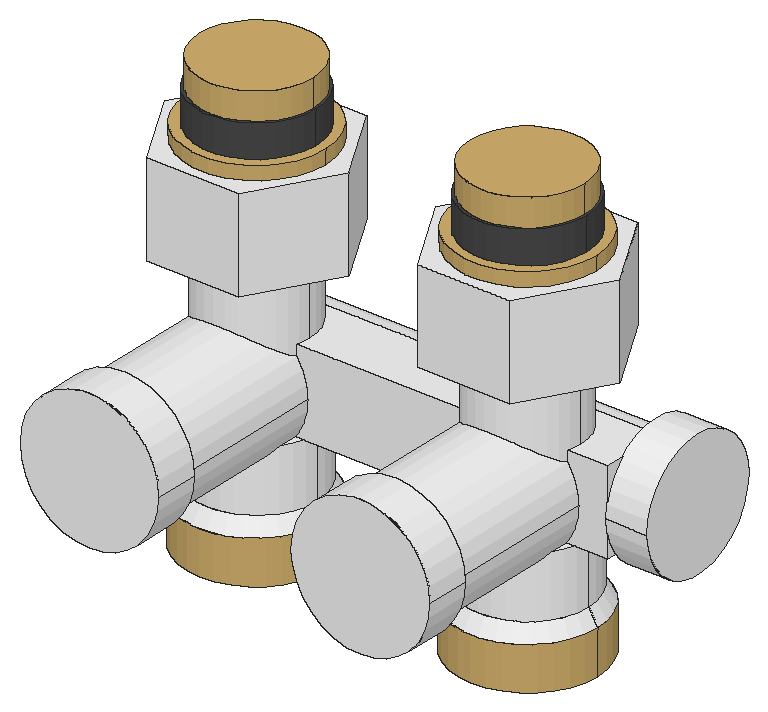
Revit family "1RLV-K_Straight_DN15-DN20_RFA", category Pipe Accessories, Revit 2019
Family settings
  Round Connector Dimension = Use Diameter
  Part Type = Valve - Breaks Into
  OmniClass Number = 23.65.55.14.17
  OmniClass Title = Adjusting/Controlling Valves for Liquid Services
  Work Plane-Based = No
  Always vertical = Yes
  Cut with Voids When Loaded = No
  Shared = No
Parameters (values of type "RLV-K_Straight_DN15-20_003L0280")
  Weight = 0.58 kg
  W1 = 38.5 mm
  W [instance] = 58.596 mm
  Valve Body Material = Danfoss Nickel Plated Brass
  Use Minimum Symbol Size [instance] = no
  URL = "https://store.danfoss.com/en/Climate-Solutions-for-heating/Radiator-Thermostats/Lockshield-Valves/H-piece-Valve/c/6173?q=%3Arelevance%3Adanfoss_producttypehierarchydesc%3ARLV-K&text="
  TD = R_2 * 2  # 34.0 mm
  SWL2 [instance] = 50.0 mm
  SWL1 [instance] = 0.0 mm
  R_2 = 17.0 mm
  R_1 = 10.0 mm
  RV3 = 12.8 mm
  RV1 = 11.65 mm
  RN = 13.0 mm
  R7 = 10.5 mm
  R6 = 11.0 mm
  R5 = 17.0 mm
  R4 = 12.8 mm
  R2 = 11.5 mm
  R11 = 11.0 mm
  Pressure Drop [instance] = 0.0 Pa
  NW1 = 8.0 mm
  NL2 = 17.0 mm
  Model Type = "RLV-K_Straight_DN15-20"
  Max Operating Pressure = "10 bar"  # constant formula
  Max Medium Temperature = "120 ˚C"  # constant formula
  L [instance] = 91.653 mm
  Kvs = 1.4 m³/h
  IfcExportType = "RLV-K"  # constant formula
  IfcExportAs = "IfcValveType"  # constant formula
  HB1 = 8.0 mm
  Model = "003L0280"
  Manufacturer = "Danfoss"  # constant formula
  L_EQ = 25.0 mm
  LOD 350 = not(LOD 200)  # yes
  LOD 200 = no
  HT2 = 17.0 mm
  HT1 = 28.0 mm
  HH1 = 2.0 mm
  HH = 42.0 mm
  HT5 = 11.0 mm
  H6 = 5.0 mm
  HT4 = 6.0 mm
  HT3 = 2.5 mm
  HB0 = 22.0 mm
  H = 80.5 mm
  Flow [instance] = 0.0 m³/h
  Description = "H-piece"  # constant formula
  DR = 15 mm
  DN15_LOD 350 = if(and(LOD 350, DR = 15.0 mm), 1 = 1, 1 = 0)  # yes
  DN15_LOD 200 = if(and(LOD 200, DR = 15.0 mm), 1 = 1, 1 = 0)  # no
  D = 20.0 mm
  CenSd_R5_6 = R5 * cos(30.00°)  # 14.722 mm
  CGAP = 50.0 mm
  CC_2 = 25.0 mm
Types (2, lengths in mm): name | Weight | RV3 | RN | Model Type | Model | H | DR | DN15_LOD 350
  RLV-K_Straight_DN15-20_003L0280 | 0.58 kg | 12.8 | 13.0 | "RLV-K_Straight_DN15-20" | "003L0280" | 80.5 | 15 | yes
  RLV-K_Straight_DN20-20_003L0281 | 0.50 kg | 9.0 | 13.3 | "RLV-K_Straight_DN20-20" | "003L0281" | 69.5 | 20 | no
Reference planes
  plane 1 "Center (Front/Back)": y = 0
  plane 2 "XYPLANE": z = 0
  plane 3 "Center (Left/Right)": x = 0
  plane 4 "394": y = 20.096
  plane 5 "366": z = 53.5
  plane 6 "339": z = 47.5
  plane 7 "318": y = -38.5
  plane 8 "316": z = 58.5
  plane 9 "301": z = 49.5
  plane 10 "234": z = 47.5
  plane 11 "217": z = 45
  plane 12 "216": z = 28
  plane 13 "186": z = -14
  plane 14 "183": x = 25
  plane 15 "182": x = -25
  plane 16 "174": x = 42
  plane 17 "129": x = -42
  plane 18 "104": y = 17
  plane 19 "101": x = 0
  plane 20 "87": z = -22
  plane 21 "79": x = 25
  plane 22 "77": x = -25
  plane 23 "76": z = 0
  plane 24 "44": y = 0
  plane 25: x = 25
  plane 26: x = -25
  plane 27: z = -4.85
  plane 28: z = 18.45
  plane 29 "C": z = 6.8
  plane 30: y = 8.446
Forms (mm)
  Extrusion 1, solid, material "Danfoss Brass", visible <- "DN15_LOD 350", detail levels fine
    sketch origin (-750, 0, 53.5) x (1, 0, 0) y (0, 1, 0)
      loop
        circle (775, 0) r 10.5
    from 0 to 5 <- "H6"
  Extrusion 2, solid, material "Danfoss Brass", visible <- "DN15_LOD 350", detail levels fine
    sketch origin (-750, 0, 53.5) x (1, 0, 0) y (0, 1, 0)
      loop
        circle (725, 0) r 10.5
    from 0 to 5
  Extrusion 3, solid, material "Danfoss Plastic Black", visible <- "DN15_LOD 350", detail levels fine
    sketch origin (-750, 0, 47.5) x (1, 0, 0) y (0, 1, 0)
      loop
        circle (775, 0) r 11
    from 0 to 6 <- "HT4"
  Extrusion 4, solid, material "Danfoss Plastic Black", visible <- "DN15_LOD 350", detail levels fine
    sketch origin (-750, 0, 47.5) x (1, 0, 0) y (0, 1, 0)
      loop
        circle (725, 0) r 11
    from 0 to 6 <- "HT4"
  Extrusion 5, solid, material "Danfoss Brass", visible <- "LOD 350", detail levels fine
    sketch origin (-750, 0, 45) x (1, 0, 0) y (0, 1, 0)
      loop
        circle (775, 0) r 12.8
    from 0 to 2.5 <- "HT3"
  Extrusion 6, solid, material "Danfoss Brass", visible <- "LOD 350", detail levels fine
    sketch origin (-750, 0, 45) x (1, 0, 0) y (0, 1, 0)
      loop
        circle (725, 0) r 12.8
    from 0 to 2.5 <- "HT3"
  Extrusion 7, solid, material "Danfoss Brass", detail levels fine
    sketch origin (-750, 0, -22) x (1, 0, 0) y (0, 1, 0)
      loop
        circle (775, 0) r 13
    from 0 to 8 <- "HB1"
  Extrusion 8, solid, material "Danfoss Brass", detail levels fine
    sketch origin (-750, 0, -22) x (1, 0, 0) y (0, 1, 0)
      loop
        circle (725, 0) r 13
    from 0 to 8 <- "HB1"
  Extrusion 9, solid, material "Danfoss Nickel Plated Brass" <- "Valve Body Material", visible <- "LOD 350", detail levels fine
    sketch origin (-750, 0, 28) x (1, 0, 0) y (0, 1, 0)
      loop
        line (766.5, 14.722) -> (758, 0) -> (766.5, -14.722) -> (783.5, -14.722) -> (792, 0) -> (783.5, 14.722) -> (766.5, 14.722)
    from 0 to 17 <- "NL2"
  Extrusion 10, solid, material "Danfoss Nickel Plated Brass" <- "Valve Body Material", visible <- "LOD 350", detail levels fine
    sketch origin (-750, 0, 28) x (1, 0, 0) y (0, 1, 0)
      loop
        line (716.5, 14.722) -> (708, 0) -> (716.5, -14.722) -> (733.5, -14.722) -> (742, 0) -> (733.5, 14.722) -> (716.5, 14.722)
    from 0 to 17
  Extrusion 11, solid, material "Danfoss Nickel Plated Brass" <- "Valve Body Material", visible <- "LOD 200", detail levels fine
    sketch origin (-750, 0, 28) x (1, 0, 0) y (0, 1, 0)
      loop
        circle (725, 0) r 17
      loop
        circle (775, 0) r 17
    from 0 to 17
  Extrusion 12, solid, material "Danfoss Nickel Plated Brass" <- "Valve Body Material", visible <- "LOD 200", detail levels fine
    sketch origin (-750, 0, -22) x (1, 0, 0) y (0, 1, 0)
      loop
        circle (725, 0) r 10.5
      loop
        circle (775, 0) r 10.5
    from 0 to 50
  Revolve 13, solid, material "Danfoss Nickel Plated Brass" <- "Valve Body Material", visible <- "LOD 350", detail levels fine
    sketch origin (0, 0, 0) x (1, 0, 0) y (0, 0, 1)
      loop
        line (-25, 28) -> (-25, -14) -> (-12, -14) -> (-13.764, -11.204) -> (-13.764, 0) -> (-15.232, 0) -> (-15.232, 28) -> (-25, 28)
      axis (-25, 28) -> (-25, -14)
    angle from 0 to 360
  Revolve 14, solid, material "Danfoss Nickel Plated Brass" <- "Valve Body Material", visible <- "LOD 350", detail levels fine
    sketch origin (0, 0, 0) x (-1, 0, 0) y (0, 0, 1)
      loop
        line (-25, 28) -> (-25, -14) -> (-12, -14) -> (-13.764, -11.204) -> (-13.764, 0) -> (-15.232, 0) -> (-15.232, 28) -> (-25, 28)
      axis (-25, 28) -> (-25, -14)
    angle from 0 to 360
  Extrusion 15, solid, material "Danfoss Nickel Plated Brass" <- "Valve Body Material", detail levels fine
    sketch origin (0, 0, 0) x (0, 1, 0) y (0, 0, 1)
      loop
        circle (8.446, 6.8) r 11.65
    from 42 to 49.653
  Extrusion 16, solid, material "Danfoss Nickel Plated Brass" <- "Valve Body Material", visible <- "LOD 350", detail levels fine
    sketch origin (0, 0, 0) x (0, 1, 0) y (0, 0, 1)
      loop
        line (-2.656, 0) -> (13.636, 0)
        arc (13.636, 0) -> (16.654, 9.206) -> (9.142, 15.325) r 8.554
        line (9.142, 15.325) -> (-2.656, 15.325) -> (-2.656, 0)
    from -25 to 42
  Revolve 17, solid, material "Danfoss Nickel Plated Brass" <- "Valve Body Material", visible <- "LOD 350", detail levels fine
    sketch origin (0, 0, 6.8) x (0, -1, 0) y (1, 0, 0)
      loop
        line (-0.092, -25) -> (-16.908, -25)
        arc (-16.908, -25) -> (-8.5, -33.408) -> (-0.092, -25) r 8.408
      axis (-0.092, -25) -> (-16.908, -25)
    angle from 0 to 360
  Extrusion 18, solid, material "Danfoss Nickel Plated Brass" <- "Valve Body Material", detail levels fine
    sketch origin (750, -38.5, 0) x (-1, 0, 0) y (0, 0, 1)
      loop
        circle (725, 6.8) r 12.8
      loop
        circle (775, 6.8) r 12.8
    from 0 to 8 <- "NW1"
  Extrusion 19, solid, material "Danfoss Nickel Plated Brass" <- "Valve Body Material", detail levels fine
    sketch origin (750, -38.5, 0) x (-1, 0, 0) y (0, 0, 1)
      loop
        circle (775, 6.8) r 11.5
      loop
        circle (725, 6.8) r 11.5
    from 8 to 38.5
  Extrusion 20, solid, material "Danfoss Brass", visible <- "DN15_LOD 200", detail levels fine
    sketch origin (-750, 0, 45) x (1, 0, 0) y (0, 1, 0)
      loop
        circle (725, 0) r 12.8
      loop
        circle (775, 0) r 12.8
    from 0 to 13.5
  Extrusion 21, solid, material "Danfoss Nickel Plated Brass" <- "Valve Body Material", visible <- "LOD 200", detail levels fine
    sketch origin (-750, 0, 45) x (1, 0, 0) y (0, 1, 0)
      loop
        line (716.5, 17) -> (716.5, -2.656) -> (792, -2.656) -> (792, 17) -> (716.5, 17)
    from -45 to -29.675
Lines and regions (mm)
  reference lines, not visible
    curve 1: circle (2, 2, 0) r 1 normal (0, 0, 1)
  reference lines
    curve 2: circle (0, 20.096, 0) r 1 normal (0, 1, 0)
    curve 3: circle (0, 0, -6.5) r 1 normal (0, 0, 1)
    curve 4: line (25, 0, 28) -> (33.5, 0, 28)
    curve 5: line (25, 0, 28) -> (29.25, -7.361, 28)
    curve 6: line (25, 0, 28) -> (20.75, -7.361, 28)
    curve 7: line (-25, 0, 28) -> (-16.5, 0, 28)
    curve 8: line (-25, 0, 28) -> (-20.75, -7.361, 28)
    curve 9: line (-25, 0, 28) -> (-29.25, -7.361, 28)
Dimensions and locks
  plane 1 "Center (Front/Back)" to curve 1 = 2.0 mm
  "HT4": plane 6 "339" to plane 5 "366"
  "W1": plane 1 "Center (Front/Back)" to plane 7 "318"
  "HT5": plane 6 "339" to plane 8 "316"
  "HT3": plane 11 "217" to plane 10 "234"
  "HB1": plane 20 "87" to plane 13 "186"
  "SWL2": plane 22 "77" to plane 14 "183"
  "SWL1": plane 22 "77" to plane 15 "182"
  "R5": plane 21 "79" to plane 16 "174"
  "R5": plane 22 "77" to plane 17 "129"
  "R5": plane 1 "Center (Front/Back)" to plane 18 "104"
  locked: plane 3 "Center (Left/Right)" to plane 19 "101"
  "HB0": plane 2 "XYPLANE" to plane 20 "87"
  "CGAP": plane 22 "77" to plane 21 "79"
  "CC_2": plane 3 "Center (Left/Right)" to plane 22 "77"
  locked: plane 2 "XYPLANE" to plane 23 "76"
  locked: plane 1 "Center (Front/Back)" to plane 24 "44"
  "CenSd_R5_6": curve 4 to Extrusion 9 sketch curve  (x2)
  "CenSd_R5_6": curve 5 to Extrusion 9 sketch curve  (x2)
  "CenSd_R5_6": curve 6 to Extrusion 9 sketch curve  (x2)
  Extrusion 9 sketch curve to Extrusion 9 sketch curve = 0.0 mm  (x12)
  "CenSd_R5_6": curve 7 to Extrusion 10 sketch curve  (x2)
  "CenSd_R5_6": curve 8 to Extrusion 10 sketch curve  (x2)
  "CenSd_R5_6": curve 9 to Extrusion 10 sketch curve  (x2)
  Extrusion 10 sketch curve to Extrusion 10 sketch curve = 0.0 mm  (x12)
  "H": plane 8 "316" to plane 20 "87"
  plane 8 "316" to level = 58.5 mm
  "L_EQ": plane 25 to plane 19 "101" to plane 26
  "HT1": plane 12 "216" to level
  "HT2": plane 11 "217" to plane 12 "216"
  Revolve 13 sketch curve to Revolve 13 sketch curve = 11.204 mm
  Revolve 13 sketch curve to plane 22 "77" = 9.768 mm
  Revolve 13 sketch curve to plane 22 "77" = 11.236 mm
  Revolve 14 sketch curve to Revolve 14 sketch curve = 11.204 mm
  plane 21 "79" to Revolve 14 sketch curve = 11.236 mm
  Revolve 14 sketch curve to plane 21 "79" = 9.768 mm
  equal spacing: plane 28, plane 29 "C", plane 27
  locked: plane 29 "C" to level at 6.8
  plane 1 "Center (Front/Back)" to plane 30 = 8.446 mm
  "RV1": plane 4 "394" to plane 30
  plane 24 "44" to Extrusion 16 sketch curve = 2.656 mm
  "L": Extrusion 15 to plane 17 "129"
  "W": plane 4 "394" to plane 7 "318"
  "R7": radius of Extrusion 1 sketch curve
  "R7": radius of Extrusion 2 sketch curve
  "R11": radius of Extrusion 3 sketch curve
  "R11": radius of Extrusion 4 sketch curve
  "RV3": radius of Extrusion 5 sketch curve
  "RV3": radius of Extrusion 6 sketch curve
  "RN": radius of Extrusion 7 sketch curve
  "RN": radius of Extrusion 8 sketch curve
  "R_2": radius of Extrusion 11 sketch curve  (x2)
  "R7": radius of Extrusion 12 sketch curve  (x2)
  "RV1": radius of Extrusion 15 sketch curve
  radius of Extrusion 16 sketch curve = 8.554 mm
  "R4": radius of Extrusion 18 sketch curve  (x2)
  "R2": radius of Extrusion 19 sketch curve  (x2)
  "R4": radius of Extrusion 20 sketch curve  (x2)
  locked: curve 5 to curve 4 (angle 60.00°)
  locked: curve 6 to curve 5 (angle 60.00°)
  locked: curve 6 to curve 4 (angle 120.00°)
  locked: curve 8 to curve 7 (angle 60.00°)
  locked: curve 9 to curve 8 (angle 60.00°)
  locked: curve 9 to curve 7 (angle 120.00°)
  aligned and locked: level to plane 2 "XYPLANE"
  aligned and locked: curve 2 to plane 19 "101"
  aligned and locked: plane 23 "76" to curve 2
  aligned and locked: plane 21 "79" to Extrusion 1 sketch curve
  aligned and locked: plane 24 "44" to Extrusion 1 sketch curve
  aligned and locked: plane 22 "77" to Extrusion 2 sketch curve
  aligned and locked: plane 24 "44" to Extrusion 2 sketch curve
  aligned and locked: plane 21 "79" to Extrusion 3 sketch curve
  aligned and locked: plane 24 "44" to Extrusion 3 sketch curve
  aligned and locked: plane 22 "77" to Extrusion 4 sketch curve
  aligned and locked: plane 24 "44" to Extrusion 4 sketch curve
  aligned and locked: plane 19 "101" to curve 3
  aligned and locked: plane 24 "44" to curve 3
  aligned and locked: plane 21 "79" to Extrusion 5 sketch curve
  aligned and locked: plane 24 "44" to Extrusion 5 sketch curve
  aligned and locked: plane 22 "77" to Extrusion 6 sketch curve
  aligned and locked: plane 24 "44" to Extrusion 6 sketch curve
  aligned and locked: plane 21 "79" to Extrusion 7 sketch curve
  aligned and locked: plane 24 "44" to Extrusion 7 sketch curve
  aligned and locked: plane 22 "77" to Extrusion 8 sketch curve
  aligned and locked: plane 24 "44" to Extrusion 8 sketch curve
  aligned and locked: plane 21 "79" to curve 6
  aligned and locked: plane 24 "44" to curve 6
  aligned and locked: plane 22 "77" to curve 8
  aligned and locked: plane 24 "44" to curve 8
  aligned and locked: Extrusion 10 to plane 12 "216"
  aligned and locked: plane 11 "217" to Extrusion 10
  aligned and locked: Extrusion 2 to plane 5 "366"
  aligned and locked: plane 8 "316" to Extrusion 2
  aligned and locked: plane 22 "77" to Revolve 13 sketch curve
  aligned and locked: Revolve 13 sketch curve to plane 13 "186"
  aligned and locked: plane 12 "216" to Revolve 13 sketch curve
  aligned and locked: Revolve 13 sketch curve to plane 22 "77"
  aligned and locked: Extrusion 8 to Revolve 13 sketch curve
  aligned and locked: Revolve 14 sketch curve to plane 12 "216"
  aligned and locked: plane 13 "186" to Revolve 14 sketch curve
  aligned and locked: Extrusion 1 to plane 5 "366"
  aligned and locked: plane 8 "316" to Extrusion 1
  aligned and locked: plane 29 "C" to Extrusion 15 sketch curve
  aligned and locked: plane 30 to Extrusion 15 sketch curve
  aligned and locked: Extrusion 15 to plane 16 "174"
  aligned and locked: plane 16 "174" to Extrusion 16
  aligned and locked: plane 22 "77" to Revolve 17 sketch curve
  aligned and locked: Revolve 17 sketch curve to Revolve 17 sketch curve
  aligned and locked: Extrusion 16 to plane 15 "182"
  aligned and locked: level to Extrusion 16 sketch curve
  aligned and locked: plane 30 to Extrusion 16 sketch curve
  aligned and locked: Extrusion 16 sketch curve to plane 29 "C"
  aligned and locked: plane 21 "79" to Extrusion 18 sketch curve
  aligned and locked: plane 29 "C" to Extrusion 18 sketch curve  (x2)
  aligned and locked: plane 22 "77" to Extrusion 18 sketch curve
  aligned and locked: plane 21 "79" to Extrusion 19 sketch curve
  aligned and locked: plane 29 "C" to Extrusion 19 sketch curve  (x2)
  aligned and locked: plane 22 "77" to Extrusion 19 sketch curve
  aligned and locked: Extrusion 19 to plane 1 "Center (Front/Back)"
  aligned and locked: Extrusion 19 to Extrusion 18
  aligned and locked: nested 1 to plane 24 "44"
  aligned and locked: plane 3 "Center (Left/Right)" to nested 1
  aligned and locked: plane 20 "87" to nested 1
  aligned and locked: plane 11 "217" to Extrusion 9
  aligned and locked: plane 12 "216" to Extrusion 12
  aligned and locked: plane 11 "217" to Extrusion 11
  aligned and locked: Extrusion 11 to plane 12 "216"
  aligned and locked: plane 26 to Extrusion 20 sketch curve
  aligned and locked: plane 24 "44" to Extrusion 20 sketch curve  (x2)
  aligned and locked: plane 25 to Extrusion 20 sketch curve
  aligned and locked: Extrusion 20 to plane 11 "217"
  aligned and locked: plane 8 "316" to Extrusion 20
  aligned and locked: Extrusion 21 sketch curve to plane 18 "104"
  aligned and locked: Extrusion 15 to Extrusion 21 sketch curve
  aligned and locked: Extrusion 21 to Extrusion 10
Automatic sketch dimensions
  plane 3 "Center (Left/Right)" to curve 1 = 2.0 mm
  Revolve 13 sketch curve to level = 0.0 mm
  Revolve 13 sketch curve to Revolve 13 sketch curve = 1.764 mm
  plane 8 "316" to Revolve 13 sketch curve = 9085.5 mm
  Revolve 14 sketch curve to plane 14 "183" = 0.0 mm  (x2)
  Revolve 14 sketch curve to plane 20 "87" = 0.0 mm
  Revolve 14 sketch curve to level = 0.0 mm
  Revolve 14 sketch curve to Revolve 14 sketch curve = 1.764 mm
  Revolve 14 sketch curve to plane 8 "316" = 9085.5 mm
  Extrusion 16 sketch curve to Extrusion 16 sketch curve = 8.525 mm
  Extrusion 16 sketch curve to Extrusion 16 sketch curve = 0.0 mm
  Revolve 17 sketch curve to plane 4 "394" = 0.0 mm
  Revolve 17 sketch curve to plane 18 "104" = 0.092 mm
  plane 30 to Revolve 17 sketch curve = 0.054 mm
  Revolve 17 sketch curve to Revolve 17 sketch curve = 0.0 mm
  plane 1 "Center (Front/Back)" to Extrusion 21 sketch curve = 2.656 mm
  Extrusion 21 sketch curve to plane 15 "182" = 8.5 mm
  plane 1 "Center (Front/Back)" to Extrusion 11 sketch curve = 0.0 mm  (x2)
  Extrusion 11 sketch curve to plane 15 "182" = 0.0 mm
  Extrusion 11 sketch curve to plane 14 "183" = 0.0 mm
  plane 1 "Center (Front/Back)" to Extrusion 12 sketch curve = 0.0 mm  (x2)
  Extrusion 12 sketch curve to plane 15 "182" = 0.0 mm
  Extrusion 12 sketch curve to plane 14 "183" = 0.0 mm
  radius of curve 1 = 1.0 mm
  radius of curve 2 = 1.0 mm
  radius of curve 3 = 1.0 mm
Nested families
  nested 1: "Schematic_H-Piece Valve_Straight" at (0, 0, 18.25), type "Schematic_H-Piece Valve_Straight", detail levels coarse+medium
Connectors
  piping at (-25, 0, 45), diameter 15, driven by "DR", driven by "Flow"
    settings: on Extrusion 10, index 1, connector inside diameter 609.6 mm, connector length 0.0 mm, flow factor 0, pipe flow 0.0 m³/h, pressure drop 0.0 Pa, fitting loss kfactor 0, connector angle 0.00°, fixture units 0, engagement length 0.0 mm, angle of deflection 0.00°, flow configuration 0, flow direction 0, fitting loss method 0, system type 29, joint type 0, gender type 0, connector reference index 3, connector utility 0, adjustable connector no, is connector primary yes, connector description ""
  piping at (25, 0, 45), diameter 15, driven by "DR", driven by "Flow"
    settings: on Extrusion 9, index 2, connector inside diameter 609.6 mm, connector length 0.0 mm, flow factor 0, pipe flow 0.0 m³/h, pressure drop 0.0 Pa, fitting loss kfactor 0, connector angle 0.00°, fixture units 0, engagement length 0.0 mm, angle of deflection 0.00°, flow configuration 0, flow direction 0, fitting loss method 0, system type 29, joint type 0, gender type 0, connector reference index 4, connector utility 0, adjustable connector no, is connector primary no, connector description ""
  piping at (-25, 0, -22), diameter 20, driven by "D", driven by "Flow"
    settings: on Extrusion 8, index 3, connector inside diameter 609.6 mm, connector length 0.0 mm, flow factor 0, pipe flow 0.0 m³/h, pressure drop 0.0 Pa, fitting loss kfactor 0, connector angle 0.00°, fixture units 0, engagement length 0.0 mm, angle of deflection 0.00°, flow configuration 0, flow direction 0, fitting loss method 0, system type 29, joint type 0, gender type 0, connector reference index 1, connector utility 0, adjustable connector no, is connector primary no, connector description ""
  piping at (25, 0, -22), diameter 20, driven by "D", driven by "Flow"
    settings: on Extrusion 7, index 4, connector inside diameter 609.6 mm, connector length 0.0 mm, flow factor 0, pipe flow 0.0 m³/h, pressure drop 0.0 Pa, fitting loss kfactor 0, connector angle 0.00°, fixture units 0, engagement length 0.0 mm, angle of deflection 0.00°, flow configuration 0, flow direction 0, fitting loss method 0, system type 29, joint type 0, gender type 0, connector reference index 2, connector utility 0, adjustable connector no, is connector primary no, connector description ""
Definition of nested family "Schematic_H-Piece Valve_Straight"
  Parameters (values of type "Schematic_H-Piece Valve_Straight")
    L_EQ = 27.5 mm
    H = 55.0 mm
    D = 35.0 mm
  Reference planes
    plane 1 "Center (Front/Back)": y = 0
    plane 2: z = 0
    plane 3 "Center (Left/Right)": x = 0
    plane 4: x = 27.5
    plane 5: x = -27.5
    plane 6: y = 27.5
    plane 7: y = -27.5
    plane 8: x = -45
    plane 9: x = 10
    plane 10: x = 45
    plane 11: x = -10
    plane 12: z = -27.5
    plane 13: z = 27.5
    plane 14: z = 17.5
    plane 15: z = -17.5
    plane 16: y = 17.5
    plane 17: y = -17.5
  Lines and regions (mm)
    model lines
      curve 1: line (27.5, 0, 0) -> (10, 0, -27.5)
      curve 2: line (10, 0, -27.5) -> (45, 0, -27.5)
      curve 3: line (45, 0, -27.5) -> (27.5, 0, 0)
      curve 4: line (10, 0, 27.5) -> (27.5, 0, 0)
      curve 5: line (45, 0, 27.5) -> (27.5, 0, 0)
      curve 6: line (45, 0, 27.5) -> (10, 0, 27.5)
      curve 7: line (-45, 0, 27.5) -> (-27.5, 0, 0)
      curve 8: line (-27.5, 0, 0) -> (-10, 0, 27.5)
      curve 9: line (-10, 0, 27.5) -> (-45, 0, 27.5)
      curve 10: line (-27.5, 0, 0) -> (-45, 0, -27.5)
      curve 11: line (-45, 0, -27.5) -> (-10, 0, -27.5)
      curve 12: line (-10, 0, -27.5) -> (-27.5, 0, 0)
    symbolic lines
      curve 13: line (45, 27.5, 0) -> (27.5, 0, 0)
      curve 14: line (27.5, 0, 0) -> (10, 27.5, 0)
      curve 15: line (10, 27.5, 0) -> (45, 27.5, 0)
      curve 16: line (27.5, 0, 0) -> (10, -27.5, 0)
      curve 17: line (10, -27.5, 0) -> (45, -27.5, 0)
      curve 18: line (45, -27.5, 0) -> (27.5, 0, 0)
      curve 19: line (-27.5, 0, 0) -> (-45, 27.5, 0)
      curve 20: line (-45, 27.5, 0) -> (-10, 27.5, 0)
      curve 21: line (-10, 27.5, 0) -> (-27.5, 0, 0)
      curve 22: line (-27.5, 0, 0) -> (-45, -27.5, 0)
      curve 23: line (-45, -27.5, 0) -> (-10, -27.5, 0)
      curve 24: line (-10, -27.5, 0) -> (-27.5, 0, 0)
  Dimensions and locks
    "H": plane 7 to plane 6
    equal spacing: plane 7, plane 1 "Center (Front/Back)", plane 6
    "H": plane 13 to plane 12
    equal spacing: plane 13, level, plane 12
    "D": plane 10 to plane 9
    equal spacing: plane 10, plane 4, plane 9
    "D": plane 11 to plane 8
    equal spacing: plane 11, plane 5, plane 8
    "D": plane 14 to plane 15
    equal spacing: plane 14, level, plane 15
    equal spacing: plane 11, plane 3 "Center (Left/Right)", plane 9
    "D": plane 17 to plane 16
    equal spacing: plane 17, plane 1 "Center (Front/Back)", plane 16
    "L_EQ": plane 4 to plane 3 "Center (Left/Right)"
    "L_EQ": plane 3 "Center (Left/Right)" to plane 5
    aligned and locked: level to plane 2
    aligned and locked: plane 13 to curve 9
  Automatic sketch dimensions
    curve 9 to plane 8 = 0.0 mm
    curve 11 to plane 8 = 0.0 mm
    curve 10 to level = 0.0 mm
    curve 11 to plane 11 = 0.0 mm
    curve 8 to plane 11 = 0.0 mm
    curve 2 to plane 9 = 0.0 mm
    curve 6 to plane 9 = 0.0 mm
    curve 1 to plane 4 = 0.0 mm
    curve 3 to plane 10 = 0.0 mm
    curve 5 to plane 10 = 0.0 mm
    curve 1 to plane 12 = 0.0 mm
    curve 11 to plane 12 = 0.0 mm
    curve 6 to plane 13 = 0.0 mm
    curve 19 to plane 8 = 0.0 mm
    curve 13 to plane 4 = 0.0 mm
    curve 18 to plane 10 = 0.0 mm
    curve 10 to plane 5 = 0.0 mm
    curve 5 to level = 0.0 mm
    curve 14 to plane 9 = 0.0 mm
    curve 15 to plane 10 = 0.0 mm
    plane 1 "Center (Front/Back)" to curve 16 = 0.0 mm
    curve 17 to plane 9 = 0.0 mm
    plane 7 to curve 18 = 0.0 mm
    plane 6 to curve 15 = 0.0 mm
    curve 21 to plane 11 = 0.0 mm
    curve 22 to plane 8 = 0.0 mm
    curve 22 to plane 5 = 0.0 mm
    plane 1 "Center (Front/Back)" to curve 24 = 0.0 mm
    curve 24 to plane 11 = 0.0 mm
    plane 7 to curve 24 = 0.0 mm
    plane 6 to curve 20 = 0.0 mm
